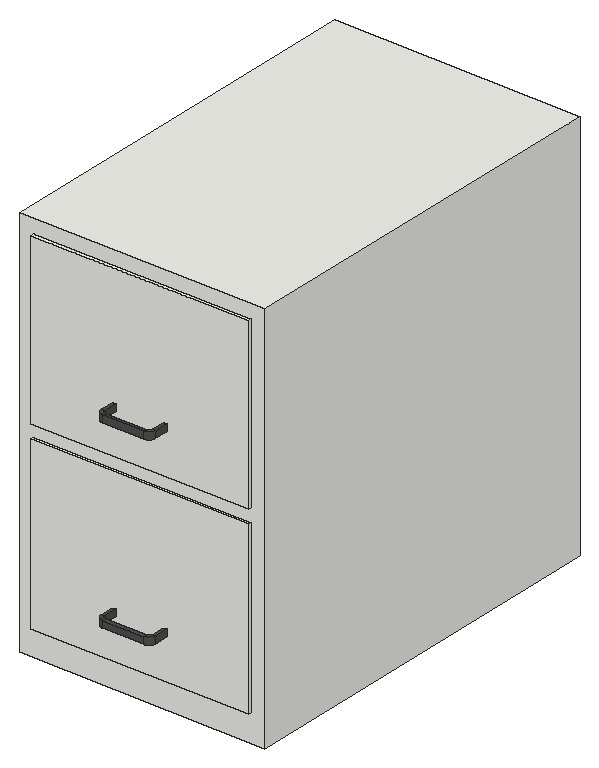
Revit family "M_Armário-Arquivo com 2 gavetas", category Mobiliário, Revit 2019
Family settings
  Número OmniClass = 23.40.20.24.24
  Título OmniClass = Filing Cabinets
  ID de item do Seek = Cabinet-File 2 Drawer-0000-CAN-ENU
  Com base no plano de trabalho = Não
  Sempre na vertical = Sim
  Corte com vazios quando carregada = Não
  Compartilhado = Não
  Ponto de cálculo do ambiente = Não
Parameters (values of type "0457 x 0734mm")
  Material do armário = Aço, acabamento de pintura, marfim, com brilho
  Linear = 734.00 mm
  Material do puxador = Aço, Cromo polido
  Altura = 734.00 mm
  Largura = 457.00 mm
Types (7, lengths in mm): name | Linear | Altura | Largura
  (no name) | 734.00 | 734.00 | 457.00
  0380 x 0457mm | 457.00 | 734.00 | 380.00
  0380 x 0635mm | 635.00 | 734.00 | 380.00
  0380 x 0734mm | 734.00 | 734.00 | 380.00
  0457 x 0734mm | 734.00 | 734.00 | 457.00
  0915 x 0380 mm Lat. | 380.00 | 711.00 | 915.00
  0915 x 0457 mm Lat. | 457.00 | 711.00 | 915.00
Reference planes
  plane 1 "Centro (Frente/Trás)": y = -142.134
  plane 2: z = 0
  plane 3 "Centro (Esquerda/Direita)": x = -127.896
  plane 4: x = 100.604
  plane 5: x = -356.396
  plane 6: y = 224.866
  plane 7: y = -509.134
  plane 8: z = 734
  plane 9: z = 50.8
  plane 10: y = -515.484
Forms (mm)
  Extrusion 1, solid, material "Aço, acabamento de pintura, marfim, com brilho" <- "Material do armário"
    sketch origin (0, 224.866, 0) x (1, 0, 0) y (0, 0, 1)
      loop
        line (-330.996, 708.6) -> (-330.996, 393.7) -> (75.204, 393.7) -> (75.204, 708.6) -> (-330.996, 708.6)
      loop
        line (-330.996, 368.3) -> (-330.996, 50.8) -> (75.204, 50.8) -> (75.204, 368.3) -> (-330.996, 368.3)
    from 734 to 740.35
  Extrusion 2, solid, material "Aço, acabamento de pintura, marfim, com brilho" <- "Material do armário"
    sketch origin (0, 0, 0) x (1, 0, 0) y (0, 1, 0)
      loop
        line (-356.396, 224.866) -> (-356.396, -509.134) -> (100.604, -509.134) -> (100.604, 224.866) -> (-356.396, 224.866)
    from 0 to 734
  Sweep 3, solid, material "Aço, Cromo polido" <- "Material do puxador"
    path origin (0, 0, 0) x (1, 0, 0) y (0, 1, 0)
      loop
        line (-178.696, -515.484) -> (-178.696, -540.884)
        arc (-178.696, -540.884) -> (-174.977, -549.865) -> (-165.996, -553.584) r 12.7
        line (-165.996, -553.584) -> (-89.796, -553.584)
        arc (-89.796, -553.584) -> (-80.816, -549.865) -> (-77.096, -540.884) r 12.7
        line (-77.096, -540.884) -> (-77.096, -515.484)
    profile origin (0, -528.184, 0) x (1, 0, 0) y (0, 0, 1)
      loop
        line (-178.696, 127) -> (-172.346, 127) -> (-172.346, 139.7) -> (-178.696, 139.7) -> (-178.696, 127)
      loop
        line (-178.696, 469.9) -> (-172.346, 469.9) -> (-172.346, 482.6) -> (-178.696, 482.6) -> (-178.696, 469.9)
Lines and regions (mm)
  Masking region 1
    outline origin (0, 0, 0) x (1, 0, 0) y (0, 1, 0)
      loop
        line (-356.396, 224.866) -> (-356.396, -509.134) -> (100.604, -509.134) -> (100.604, 224.866) -> (-356.396, 224.866)
  symbolic lines
    curve 1: line (-89.796, -547.234, 0) -> (-165.996, -547.234, 0)
    curve 2: line (-172.346, -540.884, 0) -> (-172.346, -509.134, 0)
    curve 3: line (-83.446, -509.134, 0) -> (-83.446, -540.884, 0)
    curve 4: arc (-172.346, -540.884, 0) -> (-170.487, -545.374, 0) -> (-165.996, -547.234, 0) r 6.35
    curve 5: arc (-89.796, -547.234, 0) -> (-85.306, -545.374, 0) -> (-83.446, -540.884, 0) r 6.35
Dimensions and locks
  equal spacing: plane 5, plane 3 "Centro (Esquerda/Direita)", plane 4
  equal spacing: plane 7, plane 1 "Centro (Frente/Trás)", plane 6
  "Largura": plane 5 to plane 4
  "Linear": plane 7 to plane 6
  "Altura": plane 8 to plane 2
  plane 7 to plane 10 = 6.35 mm
  aligned and locked: Extrusion 2 to plane 8
  aligned and locked: Extrusion 2 to level
  aligned and locked: Extrusion 1 to plane 7
  aligned and locked: Extrusion 1 to plane 10
  aligned and locked: plane 6 to Masking region 1 sketch curve
  aligned and locked: Masking region 1 sketch curve to plane 5
  aligned and locked: plane 4 to Masking region 1 sketch curve
  aligned and locked: Masking region 1 sketch curve to plane 7
  aligned and locked: curve 2 to Sweep 3
  aligned and locked: curve 3 to Sweep 3
  aligned and locked: curve 1 to Sweep 3
  aligned and locked: plane 7 to curve 3
  aligned and locked: plane 7 to curve 2
Automatic sketch dimensions
  Extrusion 1 sketch curve to plane 5 = 25.40 mm  (x2)
  plane 4 to Extrusion 1 sketch curve = 25.40 mm  (x2)
  level to Extrusion 1 sketch curve = 50.80 mm
  plane 8 to Extrusion 1 sketch curve = 25.40 mm
  Extrusion 2 sketch curve to plane 4 = 0.00 mm
  Extrusion 2 sketch curve to plane 7 = 0.00 mm
  Sweep 3 sketch curve to plane 10 = 0.00 mm  (x2)
  Sweep 3 sketch curve to plane 10 = 25.40 mm
  Sweep 3 sketch curve to plane 3 "Centro (Esquerda/Direita)" = 50.80 mm
  Sweep 3 sketch curve to Sweep 3 sketch curve = 12.70 mm  (x3)
  plane 3 "Centro (Esquerda/Direita)" to Sweep 3 sketch curve = 38.10 mm
  plane 7 to Sweep 3 sketch curve = 31.75 mm
  Sweep 3 sketch curve to profile plane = 0.00 mm  (x2)
  Sweep 3 sketch curve to profile plane = 6.35 mm  (x2)
  level to Sweep 3 sketch curve = 127.00 mm
  Sweep 3 sketch curve to Sweep 3 sketch curve = 330.20 mm
  Extrusion 1 sketch curve to Extrusion 1 sketch curve = 25.40 mm
  Extrusion 1 sketch curve to Extrusion 1 sketch curve = 317.50 mm
  Extrusion 2 sketch curve to plane 5 = 0.00 mm
  Extrusion 2 sketch curve to plane 6 = 0.00 mm
  curve 4 to curve 4 = 6.35 mm
  curve 5 to curve 3 = 6.35 mm
